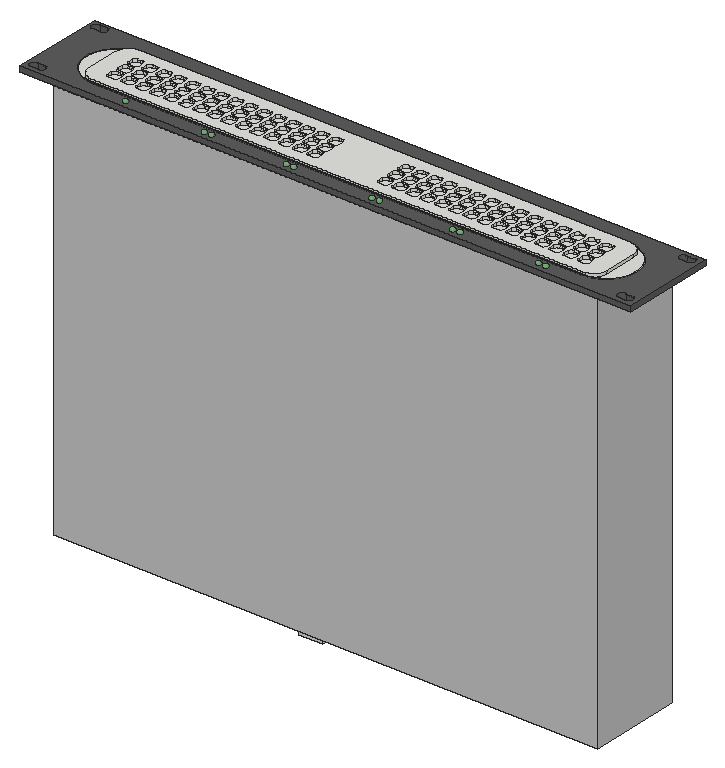
Revit family "Electronics_Vocia_Biamp_Amplifier_VA-4030", category Communication Devices, host Face, Revit 2020
Family settings
  Host = Face
  Maintain Annotation Orientation = No
  Round Connector Dimension = Use Diameter
  Part Type = Normal
  OmniClass Number = 23.85.10.11.14.14.17
  OmniClass Title = Sound Amplifiers
  Cut with Voids When Loaded = No
  Shared = No
  Room Calculation Point = No
Parameters (values of type "VA-4030")
  Width = 483 mm  # constant formula
  Weight = 26.00 lbf  # constant formula
  Voltage = 240 V
  Version = 1
  URL = "https://www.biamp.com/"
  Total Output Power = "4 x 30W RMS, 120W maximum"  # constant formula
  Temperature Range = "23-104° F (-5 – 40° C) "  # constant formula
  Signal to Noise Ratio = "> 88 dB, unweighted"  # constant formula
  Product data url = "https://bimobject.com/biamp/product/vocia-va-4030_amplifier"
  Product Page URL = "https://www.biamp.com/products/product-families/vocia/vocia-amplifiers#vocia-va-4030"
  Product Documentation Link = "https://downloads.biamp.com/assets/docs/default-source/data-sheets/biamp_data_sheet_vocia_va-4030_oct18.pdf"
  Power Factor = 1
  Number of Poles = 1
  Network Connection = "RJ-45 with shielded Ethernet (CAT5, CAT5e, CAT6 or CAT7)"  # constant formula
  Model = "VA-4030"  # constant formula
  Memory = "5.625 MB"  # constant formula
  Max Power Consumption = 120 W
  Manufacturer = "Biamp"  # constant formula
  Inputs = "20 bits, 48 kHz, 5-1/3 ms (fxed)"  # constant formula
  Humidity = "0 – 95% non-condensing"  # constant formula
  Housing Material = Biamp - Metal - Gray
  Height = 82.5 mm  # constant formula
  Frequency Response (40Hz - 20kHz) = "± 2dB"  # constant formula
  Description = "Vocia® VA-4030 Amplifier"  # constant formula
  Depth = 361 mm  # constant formula
  Default Elevation = 1219.2 mm
  Date Updated = ""
  Date Created = "2023/08/21"
  Connector Description = "100-240 VAC, 50/60 Hz"  # constant formula
  Apparent Load = Max Power Consumption / Power Factor  # 120 VA
  Altitude = "0-10,000 Feet (0-3000 Meters) MSL"  # constant formula
  50Hz-100Hz = "< 0.5%"  # constant formula
  100Hz-10kHz = "< 0.3%"  # constant formula
Reference planes
  plane 1 "Center (Front/Back)": y = 0
  plane 2: z = 0
  plane 3 "Center (Left/Right)": x = 0
Forms (mm)
  Extrusion 1, solid, material "Biamp - Metal - Gray" <- "Housing Material"
    sketch origin (261.5, -35.522, 0) x (1, 0, 0) y (0, 1, 0)
      loop
        line (-241.5, 41.25) -> (-241.5, -41.25) -> (241.5, -41.25) -> (241.5, 41.25) -> (-241.5, 41.25)
    from -361 to -3.048
  Extrusion 2, solid, material "Biamp - Metal - Black", detail levels medium+fine
    sketch origin (261.5, -35.522, 0) x (1, 0, 0) y (0, 1, 0)
      loop
        line (-271.5, 41.25) -> (-271.5, -41.25) -> (271.5, -41.25) -> (271.5, 41.25) -> (-271.5, 41.25)
    from 2.032 to -3.048
  Extrusion 3, void
    sketch origin (0, -35.522, 0) x (1, 0, 0) y (0, 1, 0)
      loop
        arc (-2.968, 38.06) -> (-6.697, 34.331) -> (-2.968, 30.602) r 3.729
        line (-2.968, 30.602) -> (3.762, 30.602)
        arc (3.762, 30.602) -> (7.49, 34.331) -> (3.762, 38.06) r 3.729
        line (3.762, 38.06) -> (-2.968, 38.06)
      loop
        line (-2.968, -38.06) -> (3.762, -38.06)
        arc (3.762, -38.06) -> (7.49, -34.331) -> (3.762, -30.602) r 3.729
        line (3.762, -30.602) -> (-2.968, -30.602)
        arc (-2.968, -30.602) -> (-6.697, -34.331) -> (-2.968, -38.06) r 3.729
      loop
        line (525.968, 38.06) -> (519.238, 38.06)
        arc (519.238, 38.06) -> (515.51, 34.331) -> (519.238, 30.602) r 3.729
        line (519.238, 30.602) -> (525.968, 30.602)
        arc (525.968, 30.602) -> (529.697, 34.331) -> (525.968, 38.06) r 3.729
      loop
        arc (525.968, -38.06) -> (529.697, -34.331) -> (525.968, -30.602) r 3.729
        line (525.968, -30.602) -> (519.238, -30.602)
        arc (519.238, -30.602) -> (515.51, -34.331) -> (519.238, -38.06) r 3.729
        line (519.238, -38.06) -> (525.968, -38.06)
    from -23.814 to 4.064
  Extrusion 4, void
    sketch origin (0, 0, 0) x (1, 0, 0) y (0, 1, 0)
      loop
        arc (44.597, -9.422) -> (17.097, -36.922) -> (44.597, -64.422) r 27.5
        line (44.597, -64.422) -> (478.403, -64.422)
        arc (478.403, -64.422) -> (505.903, -36.922) -> (478.403, -9.422) r 27.5
        line (478.403, -9.422) -> (44.597, -9.422)
    from 0 to 2.032
  Extrusion 5, solid, material "Biamp - Metal - Silver", detail levels medium+fine
    sketch origin (0, 0, 0) x (1, 0, 0) y (0, 1, 0)
      loop
        arc (44.597, -9.422) -> (17.097, -36.922) -> (44.597, -64.422) r 27.5
        line (44.597, -64.422) -> (478.403, -64.422)
        arc (478.403, -64.422) -> (505.903, -36.922) -> (478.403, -9.422) r 27.5
        line (478.403, -9.422) -> (44.597, -9.422)
    from 0 to 2.032
  Extrusion 6, void
    sketch origin (261.5, -35.522, -361) x (0, 1, 0) y (1, 0, 0)
      loop
        line (13.404, 198.988) -> (5.823, 198.988)
        arc (5.823, 198.988) -> (4.697, 198.765) -> (3.743, 198.127) r 2.941
        line (3.743, 198.127) -> (-0.195, 194.189)
        arc (-0.195, 194.189) -> (-0.838, 193.226) -> (-1.064, 192.09) r 2.97
        line (-1.064, 192.09) -> (-1.064, 176.133)
        arc (-1.064, 176.133) -> (-0.838, 174.997) -> (-0.195, 174.033) r 2.97
        line (-0.195, 174.033) -> (3.743, 170.096)
        arc (3.743, 170.096) -> (4.697, 169.458) -> (5.823, 169.234) r 2.941
        line (5.823, 169.234) -> (13.404, 169.234)
        arc (13.404, 169.234) -> (14.404, 169.648) -> (14.818, 170.648) r 1.414
        line (14.818, 170.648) -> (14.818, 197.575)
        arc (14.818, 197.575) -> (14.404, 198.574) -> (13.404, 198.988) r 1.414
      loop
        line (-21.462, 123.766) -> (-29.405, 123.766) -> (-29.405, 113.766) -> (-21.462, 113.766) -> (-21.462, 123.766)
      loop
        line (-21.462, 110.977) -> (-29.405, 110.977) -> (-29.405, 100.977) -> (-21.462, 100.977) -> (-21.462, 110.977)
      loop
        line (-26.942, 64.49) -> (-36.942, 64.49) -> (-36.942, 47.528) -> (-26.942, 47.528) -> (-26.942, 64.49)
      loop
        line (-26.942, 46.702) -> (-36.942, 46.702) -> (-36.942, 29.74) -> (-26.942, 29.74) -> (-26.942, 46.702)
      loop
        line (-26.942, 28.914) -> (-36.942, 28.914) -> (-36.942, 11.952) -> (-26.942, 11.952) -> (-26.942, 28.914)
      loop
        line (-26.942, 11.127) -> (-36.942, 11.127) -> (-36.942, -5.836) -> (-26.942, -5.836) -> (-26.942, 11.127)
    from -14.186 to 0
  Extrusion 7, solid
    sketch origin (261.5, -35.522, -361) x (0, 1, 0) y (1, 0, 0)
      loop
        line (-21.541, -8.122) -> (-33.817, -8.122) -> (-33.817, -29.997) -> (-21.541, -29.997) -> (-21.541, -8.122)
      loop
        line (-7.261, -39.287) -> (-25.255, -39.287) -> (-25.255, -68.037) -> (-7.261, -68.037) -> (-7.261, -39.287)
      loop
        line (-7.261, -107.937) -> (-7.261, -79.187) -> (-25.255, -79.187) -> (-25.255, -107.937) -> (-7.261, -107.937)
      loop
        line (-7.261, -217.837) -> (-7.261, -189.087) -> (-25.255, -189.087) -> (-25.255, -217.837) -> (-7.261, -217.837)
      loop
        line (-7.261, -149.187) -> (-25.255, -149.187) -> (-25.255, -177.937) -> (-7.261, -177.937) -> (-7.261, -149.187)
    from 0 to 8
  Extrusion 8, solid, material "Biamp - Metal - Black", detail levels coarse
    sketch origin (261.5, -35.522, 0) x (1, 0, 0) y (0, 1, 0)
      loop
        line (-271.5, 41.25) -> (-271.5, -41.25) -> (271.5, -41.25) -> (271.5, 41.25) -> (-271.5, 41.25)
    from 2.032 to -3.048
  Revolve 9, solid, material "Biamp - Plastic - Green", detail levels fine
    sketch origin (261.5, -35.522, 2.032) x (1, 0, 0) y (0, 1, 0)
      loop
        line (-184.758, -35.075) -> (-180.694, -35.075)
        arc (-180.694, -35.075) -> (-182.726, -33.043) -> (-184.758, -35.075) r 2.032
      loop
        line (-114.832, -35.075) -> (-110.768, -35.075)
        arc (-110.768, -35.075) -> (-112.8, -33.043) -> (-114.832, -35.075) r 2.032
      loop
        line (-108.482, -35.075) -> (-104.418, -35.075)
        arc (-104.418, -35.075) -> (-106.45, -33.043) -> (-108.482, -35.075) r 2.032
      loop
        line (-41.807, -35.075) -> (-37.743, -35.075)
        arc (-37.743, -35.075) -> (-39.775, -33.043) -> (-41.807, -35.075) r 2.032
      loop
        line (-35.457, -35.075) -> (-31.393, -35.075)
        arc (-31.393, -35.075) -> (-33.425, -33.043) -> (-35.457, -35.075) r 2.032
      loop
        line (34.317, -35.075) -> (38.381, -35.075)
        arc (38.381, -35.075) -> (36.349, -33.043) -> (34.317, -35.075) r 2.032
      loop
        line (40.667, -35.075) -> (44.731, -35.075)
        arc (44.731, -35.075) -> (42.699, -33.043) -> (40.667, -35.075) r 2.032
      loop
        line (106.123, -35.075) -> (110.187, -35.075)
        arc (110.187, -35.075) -> (108.155, -33.043) -> (106.123, -35.075) r 2.032
      loop
        line (112.473, -35.075) -> (116.537, -35.075)
        arc (116.537, -35.075) -> (114.505, -33.043) -> (112.473, -35.075) r 2.032
      loop
        line (182.246, -35.075) -> (186.31, -35.075)
        arc (186.31, -35.075) -> (184.278, -33.043) -> (182.246, -35.075) r 2.032
      loop
        line (188.596, -35.075) -> (192.66, -35.075)
        arc (192.66, -35.075) -> (190.628, -33.043) -> (188.596, -35.075) r 2.032
      axis (192.66, -35.075) -> (-184.758, -35.075)
    angle from 0 to -180
  Extrusion 10, solid, material "Biamp - Metal - Silver", detail levels medium+fine
    sketch origin (0, 0, 0) x (1, 0, 0) y (0, 1, 0)
      loop
        arc (44.181, -10.216) -> (35.2, -13.936) -> (31.481, -22.916) r 12.7
        line (31.481, -22.916) -> (31.481, -52.56)
        arc (31.481, -52.56) -> (34.49, -59.825) -> (41.755, -62.835) r 10.275
        line (41.755, -62.835) -> (481.245, -62.835)
        arc (481.245, -62.835) -> (488.51, -59.825) -> (491.519, -52.56) r 10.275
        line (491.519, -52.56) -> (491.519, -22.916)
        arc (491.519, -22.916) -> (487.8, -13.936) -> (478.819, -10.216) r 12.7
        line (478.819, -10.216) -> (44.181, -10.216)
      loop
        line (50.587, -54.176) -> (54.242, -54.176)
        arc (54.242, -54.176) -> (56.586, -53.205) -> (57.557, -50.861) r 3.315
        line (57.557, -50.861) -> (57.557, -47.216)
        arc (57.557, -47.216) -> (56.59, -44.882) -> (54.255, -43.914) r 3.302
        line (54.255, -43.914) -> (50.699, -43.914)
        arc (50.699, -43.914) -> (48.364, -44.882) -> (47.397, -47.216) r 3.302
        line (47.397, -47.216) -> (47.397, -50.986)
        arc (47.397, -50.986) -> (48.331, -53.242) -> (50.587, -54.176) r 3.19
      loop
        line (50.587, -42.813) -> (54.242, -42.813)
        arc (54.242, -42.813) -> (56.586, -41.842) -> (57.557, -39.498) r 3.315
        line (57.557, -39.498) -> (57.557, -35.853)
        arc (57.557, -35.853) -> (56.59, -33.518) -> (54.255, -32.551) r 3.302
        line (54.255, -32.551) -> (50.699, -32.551)
        arc (50.699, -32.551) -> (48.364, -33.518) -> (47.397, -35.853) r 3.302
        line (47.397, -35.853) -> (47.397, -39.623)
        arc (47.397, -39.623) -> (48.331, -41.878) -> (50.587, -42.813) r 3.19
      loop
        arc (50.587, -21.3) -> (48.331, -22.234) -> (47.397, -24.49) r 3.19
        line (47.397, -24.49) -> (47.397, -28.26)
        arc (47.397, -28.26) -> (48.364, -30.594) -> (50.699, -31.562) r 3.302
        line (50.699, -31.562) -> (54.255, -31.562)
        arc (54.255, -31.562) -> (56.59, -30.594) -> (57.557, -28.26) r 3.302
        line (57.557, -28.26) -> (57.557, -24.615)
        arc (57.557, -24.615) -> (56.586, -22.271) -> (54.242, -21.3) r 3.315
        line (54.242, -21.3) -> (50.587, -21.3)
      loop
        line (63.287, -54.176) -> (66.942, -54.176)
        arc (66.942, -54.176) -> (69.286, -53.205) -> (70.257, -50.861) r 3.315
        line (70.257, -50.861) -> (70.257, -47.216)
        arc (70.257, -47.216) -> (69.29, -44.882) -> (66.955, -43.914) r 3.302
        line (66.955, -43.914) -> (63.399, -43.914)
        arc (63.399, -43.914) -> (61.064, -44.882) -> (60.097, -47.216) r 3.302
        line (60.097, -47.216) -> (60.097, -50.986)
        arc (60.097, -50.986) -> (61.031, -53.242) -> (63.287, -54.176) r 3.19
      loop
        line (63.287, -42.813) -> (66.942, -42.813)
        arc (66.942, -42.813) -> (69.286, -41.842) -> (70.257, -39.498) r 3.315
        line (70.257, -39.498) -> (70.257, -35.853)
        arc (70.257, -35.853) -> (69.29, -33.518) -> (66.955, -32.551) r 3.302
        line (66.955, -32.551) -> (63.399, -32.551)
        arc (63.399, -32.551) -> (61.064, -33.518) -> (60.097, -35.853) r 3.302
        line (60.097, -35.853) -> (60.097, -39.623)
        arc (60.097, -39.623) -> (61.031, -41.878) -> (63.287, -42.813) r 3.19
      loop
        arc (63.287, -21.3) -> (61.031, -22.234) -> (60.097, -24.49) r 3.19
        line (60.097, -24.49) -> (60.097, -28.26)
        arc (60.097, -28.26) -> (61.064, -30.594) -> (63.399, -31.562) r 3.302
        line (63.399, -31.562) -> (66.955, -31.562)
        arc (66.955, -31.562) -> (69.29, -30.594) -> (70.257, -28.26) r 3.302
        line (70.257, -28.26) -> (70.257, -24.615)
        arc (70.257, -24.615) -> (69.286, -22.271) -> (66.942, -21.3) r 3.315
        line (66.942, -21.3) -> (63.287, -21.3)
      loop
        line (75.987, -54.176) -> (79.642, -54.176)
        arc (79.642, -54.176) -> (81.986, -53.205) -> (82.957, -50.861) r 3.315
        line (82.957, -50.861) -> (82.957, -47.216)
        arc (82.957, -47.216) -> (81.99, -44.882) -> (79.655, -43.914) r 3.302
        line (79.655, -43.914) -> (76.099, -43.914)
        arc (76.099, -43.914) -> (73.764, -44.882) -> (72.797, -47.216) r 3.302
        line (72.797, -47.216) -> (72.797, -50.986)
        arc (72.797, -50.986) -> (73.731, -53.242) -> (75.987, -54.176) r 3.19
      loop
        line (75.987, -42.813) -> (79.642, -42.813)
        arc (79.642, -42.813) -> (81.986, -41.842) -> (82.957, -39.498) r 3.315
        line (82.957, -39.498) -> (82.957, -35.853)
        arc (82.957, -35.853) -> (81.99, -33.518) -> (79.655, -32.551) r 3.302
        line (79.655, -32.551) -> (76.099, -32.551)
        arc (76.099, -32.551) -> (73.764, -33.518) -> (72.797, -35.853) r 3.302
        line (72.797, -35.853) -> (72.797, -39.623)
        arc (72.797, -39.623) -> (73.731, -41.878) -> (75.987, -42.813) r 3.19
      loop
        arc (75.987, -21.3) -> (73.731, -22.234) -> (72.797, -24.49) r 3.19
        line (72.797, -24.49) -> (72.797, -28.26)
        arc (72.797, -28.26) -> (73.764, -30.594) -> (76.099, -31.562) r 3.302
        line (76.099, -31.562) -> (79.655, -31.562)
        arc (79.655, -31.562) -> (81.99, -30.594) -> (82.957, -28.26) r 3.302
        line (82.957, -28.26) -> (82.957, -24.615)
        arc (82.957, -24.615) -> (81.986, -22.271) -> (79.642, -21.3) r 3.315
        line (79.642, -21.3) -> (75.987, -21.3)
      loop
        line (88.687, -54.176) -> (92.342, -54.176)
        arc (92.342, -54.176) -> (94.686, -53.205) -> (95.657, -50.861) r 3.315
        line (95.657, -50.861) -> (95.657, -47.216)
        arc (95.657, -47.216) -> (94.69, -44.882) -> (92.355, -43.914) r 3.302
        line (92.355, -43.914) -> (88.799, -43.914)
        arc (88.799, -43.914) -> (86.464, -44.882) -> (85.497, -47.216) r 3.302
        line (85.497, -47.216) -> (85.497, -50.986)
        arc (85.497, -50.986) -> (86.431, -53.242) -> (88.687, -54.176) r 3.19
      loop
        line (88.687, -42.813) -> (92.342, -42.813)
        arc (92.342, -42.813) -> (94.686, -41.842) -> (95.657, -39.498) r 3.315
        line (95.657, -39.498) -> (95.657, -35.853)
        arc (95.657, -35.853) -> (94.69, -33.518) -> (92.355, -32.551) r 3.302
        line (92.355, -32.551) -> (88.799, -32.551)
        arc (88.799, -32.551) -> (86.464, -33.518) -> (85.497, -35.853) r 3.302
        line (85.497, -35.853) -> (85.497, -39.623)
        arc (85.497, -39.623) -> (86.431, -41.878) -> (88.687, -42.813) r 3.19
      loop
        arc (88.687, -21.3) -> (86.431, -22.234) -> (85.497, -24.49) r 3.19
        line (85.497, -24.49) -> (85.497, -28.26)
        arc (85.497, -28.26) -> (86.464, -30.594) -> (88.799, -31.562) r 3.302
        line (88.799, -31.562) -> (92.355, -31.562)
        arc (92.355, -31.562) -> (94.69, -30.594) -> (95.657, -28.26) r 3.302
        line (95.657, -28.26) -> (95.657, -24.615)
        arc (95.657, -24.615) -> (94.686, -22.271) -> (92.342, -21.3) r 3.315
        line (92.342, -21.3) -> (88.687, -21.3)
      loop
        line (101.387, -54.176) -> (105.042, -54.176)
        arc (105.042, -54.176) -> (107.386, -53.205) -> (108.357, -50.861) r 3.315
        line (108.357, -50.861) -> (108.357, -47.216)
        arc (108.357, -47.216) -> (107.39, -44.882) -> (105.055, -43.914) r 3.302
        line (105.055, -43.914) -> (101.499, -43.914)
        arc (101.499, -43.914) -> (99.164, -44.882) -> (98.197, -47.216) r 3.302
        line (98.197, -47.216) -> (98.197, -50.986)
        arc (98.197, -50.986) -> (99.131, -53.242) -> (101.387, -54.176) r 3.19
      loop
        line (101.387, -42.813) -> (105.042, -42.813)
        arc (105.042, -42.813) -> (107.386, -41.842) -> (108.357, -39.498) r 3.315
        line (108.357, -39.498) -> (108.357, -35.853)
        arc (108.357, -35.853) -> (107.39, -33.518) -> (105.055, -32.551) r 3.302
        line (105.055, -32.551) -> (101.499, -32.551)
        arc (101.499, -32.551) -> (99.164, -33.518) -> (98.197, -35.853) r 3.302
        line (98.197, -35.853) -> (98.197, -39.623)
        arc (98.197, -39.623) -> (99.131, -41.878) -> (101.387, -42.813) r 3.19
      loop
        arc (101.387, -21.3) -> (99.131, -22.234) -> (98.197, -24.49) r 3.19
        line (98.197, -24.49) -> (98.197, -28.26)
        arc (98.197, -28.26) -> (99.164, -30.594) -> (101.499, -31.562) r 3.302
        line (101.499, -31.562) -> (105.055, -31.562)
        arc (105.055, -31.562) -> (107.39, -30.594) -> (108.357, -28.26) r 3.302
        line (108.357, -28.26) -> (108.357, -24.615)
        arc (108.357, -24.615) -> (107.386, -22.271) -> (105.042, -21.3) r 3.315
        line (105.042, -21.3) -> (101.387, -21.3)
      loop
        line (114.087, -54.176) -> (117.742, -54.176)
        arc (117.742, -54.176) -> (120.086, -53.205) -> (121.057, -50.861) r 3.315
        line (121.057, -50.861) -> (121.057, -47.216)
        arc (121.057, -47.216) -> (120.09, -44.882) -> (117.755, -43.914) r 3.302
        line (117.755, -43.914) -> (114.199, -43.914)
        arc (114.199, -43.914) -> (111.864, -44.882) -> (110.897, -47.216) r 3.302
        line (110.897, -47.216) -> (110.897, -50.986)
        arc (110.897, -50.986) -> (111.831, -53.242) -> (114.087, -54.176) r 3.19
      loop
        line (114.087, -42.813) -> (117.742, -42.813)
        arc (117.742, -42.813) -> (120.086, -41.842) -> (121.057, -39.498) r 3.315
        line (121.057, -39.498) -> (121.057, -35.853)
        arc (121.057, -35.853) -> (120.09, -33.518) -> (117.755, -32.551) r 3.302
        line (117.755, -32.551) -> (114.199, -32.551)
        arc (114.199, -32.551) -> (111.864, -33.518) -> (110.897, -35.853) r 3.302
        line (110.897, -35.853) -> (110.897, -39.623)
        arc (110.897, -39.623) -> (111.831, -41.878) -> (114.087, -42.813) r 3.19
      loop
        arc (114.087, -21.3) -> (111.831, -22.234) -> (110.897, -24.49) r 3.19
        line (110.897, -24.49) -> (110.897, -28.26)
        arc (110.897, -28.26) -> (111.864, -30.594) -> (114.199, -31.562) r 3.302
        line (114.199, -31.562) -> (117.755, -31.562)
        arc (117.755, -31.562) -> (120.09, -30.594) -> (121.057, -28.26) r 3.302
        line (121.057, -28.26) -> (121.057, -24.615)
        arc (121.057, -24.615) -> (120.086, -22.271) -> (117.742, -21.3) r 3.315
        line (117.742, -21.3) -> (114.087, -21.3)
      loop
        line (126.787, -54.176) -> (130.442, -54.176)
        arc (130.442, -54.176) -> (132.786, -53.205) -> (133.757, -50.861) r 3.315
        line (133.757, -50.861) -> (133.757, -47.216)
        arc (133.757, -47.216) -> (132.79, -44.882) -> (130.455, -43.914) r 3.302
        line (130.455, -43.914) -> (126.899, -43.914)
        arc (126.899, -43.914) -> (124.564, -44.882) -> (123.597, -47.216) r 3.302
        line (123.597, -47.216) -> (123.597, -50.986)
        arc (123.597, -50.986) -> (124.531, -53.242) -> (126.787, -54.176) r 3.19
      loop
        line (126.787, -42.813) -> (130.442, -42.813)
        arc (130.442, -42.813) -> (132.786, -41.842) -> (133.757, -39.498) r 3.315
        line (133.757, -39.498) -> (133.757, -35.853)
        arc (133.757, -35.853) -> (132.79, -33.518) -> (130.455, -32.551) r 3.302
        line (130.455, -32.551) -> (126.899, -32.551)
        arc (126.899, -32.551) -> (124.564, -33.518) -> (123.597, -35.853) r 3.302
        line (123.597, -35.853) -> (123.597, -39.623)
        arc (123.597, -39.623) -> (124.531, -41.878) -> (126.787, -42.813) r 3.19
      loop
        arc (126.787, -21.3) -> (124.531, -22.234) -> (123.597, -24.49) r 3.19
        line (123.597, -24.49) -> (123.597, -28.26)
        arc (123.597, -28.26) -> (124.564, -30.594) -> (126.899, -31.562) r 3.302
        line (126.899, -31.562) -> (130.455, -31.562)
        arc (130.455, -31.562) -> (132.79, -30.594) -> (133.757, -28.26) r 3.302
        line (133.757, -28.26) -> (133.757, -24.615)
        arc (133.757, -24.615) -> (132.786, -22.271) -> (130.442, -21.3) r 3.315
        line (130.442, -21.3) -> (126.787, -21.3)
      loop
        line (139.487, -54.176) -> (143.142, -54.176)
        arc (143.142, -54.176) -> (145.486, -53.205) -> (146.457, -50.861) r 3.315
        line (146.457, -50.861) -> (146.457, -47.216)
        arc (146.457, -47.216) -> (145.49, -44.882) -> (143.155, -43.914) r 3.302
        line (143.155, -43.914) -> (139.599, -43.914)
        arc (139.599, -43.914) -> (137.264, -44.882) -> (136.297, -47.216) r 3.302
        line (136.297, -47.216) -> (136.297, -50.986)
        arc (136.297, -50.986) -> (137.231, -53.242) -> (139.487, -54.176) r 3.19
      loop
        line (139.487, -42.813) -> (143.142, -42.813)
        arc (143.142, -42.813) -> (145.486, -41.842) -> (146.457, -39.498) r 3.315
        line (146.457, -39.498) -> (146.457, -35.853)
        arc (146.457, -35.853) -> (145.49, -33.518) -> (143.155, -32.551) r 3.302
        line (143.155, -32.551) -> (139.599, -32.551)
        arc (139.599, -32.551) -> (137.264, -33.518) -> (136.297, -35.853) r 3.302
        line (136.297, -35.853) -> (136.297, -39.623)
        arc (136.297, -39.623) -> (137.231, -41.878) -> (139.487, -42.813) r 3.19
      loop
        arc (139.487, -21.3) -> (137.231, -22.234) -> (136.297, -24.49) r 3.19
        line (136.297, -24.49) -> (136.297, -28.26)
        arc (136.297, -28.26) -> (137.264, -30.594) -> (139.599, -31.562) r 3.302
        line (139.599, -31.562) -> (143.155, -31.562)
        arc (143.155, -31.562) -> (145.49, -30.594) -> (146.457, -28.26) r 3.302
        line (146.457, -28.26) -> (146.457, -24.615)
        arc (146.457, -24.615) -> (145.486, -22.271) -> (143.142, -21.3) r 3.315
        line (143.142, -21.3) -> (139.487, -21.3)
      loop
        line (152.187, -54.176) -> (155.842, -54.176)
        arc (155.842, -54.176) -> (158.186, -53.205) -> (159.157, -50.861) r 3.315
        line (159.157, -50.861) -> (159.157, -47.216)
        arc (159.157, -47.216) -> (158.19, -44.882) -> (155.855, -43.914) r 3.302
        line (155.855, -43.914) -> (152.299, -43.914)
        arc (152.299, -43.914) -> (149.964, -44.882) -> (148.997, -47.216) r 3.302
        line (148.997, -47.216) -> (148.997, -50.986)
        arc (148.997, -50.986) -> (149.931, -53.242) -> (152.187, -54.176) r 3.19
      loop
        line (152.187, -42.813) -> (155.842, -42.813)
        arc (155.842, -42.813) -> (158.186, -41.842) -> (159.157, -39.498) r 3.315
        line (159.157, -39.498) -> (159.157, -35.853)
        arc (159.157, -35.853) -> (158.19, -33.518) -> (155.855, -32.551) r 3.302
        line (155.855, -32.551) -> (152.299, -32.551)
        arc (152.299, -32.551) -> (149.964, -33.518) -> (148.997, -35.853) r 3.302
        line (148.997, -35.853) -> (148.997, -39.623)
        arc (148.997, -39.623) -> (149.931, -41.878) -> (152.187, -42.813) r 3.19
      loop
        arc (152.187, -21.3) -> (149.931, -22.234) -> (148.997, -24.49) r 3.19
        line (148.997, -24.49) -> (148.997, -28.26)
        arc (148.997, -28.26) -> (149.964, -30.594) -> (152.299, -31.562) r 3.302
        line (152.299, -31.562) -> (155.855, -31.562)
        arc (155.855, -31.562) -> (158.19, -30.594) -> (159.157, -28.26) r 3.302
        line (159.157, -28.26) -> (159.157, -24.615)
        arc (159.157, -24.615) -> (158.186, -22.271) -> (155.842, -21.3) r 3.315
        line (155.842, -21.3) -> (152.187, -21.3)
      loop
        line (164.887, -54.176) -> (168.542, -54.176)
        arc (168.542, -54.176) -> (170.886, -53.205) -> (171.857, -50.861) r 3.315
        line (171.857, -50.861) -> (171.857, -47.216)
        arc (171.857, -47.216) -> (170.89, -44.882) -> (168.555, -43.914) r 3.302
        line (168.555, -43.914) -> (164.999, -43.914)
        arc (164.999, -43.914) -> (162.664, -44.882) -> (161.697, -47.216) r 3.302
        line (161.697, -47.216) -> (161.697, -50.986)
        arc (161.697, -50.986) -> (162.631, -53.242) -> (164.887, -54.176) r 3.19
      loop
        line (164.887, -42.813) -> (168.542, -42.813)
        arc (168.542, -42.813) -> (170.886, -41.842) -> (171.857, -39.498) r 3.315
        line (171.857, -39.498) -> (171.857, -35.853)
        arc (171.857, -35.853) -> (170.89, -33.518) -> (168.555, -32.551) r 3.302
        line (168.555, -32.551) -> (164.999, -32.551)
        arc (164.999, -32.551) -> (162.664, -33.518) -> (161.697, -35.853) r 3.302
        line (161.697, -35.853) -> (161.697, -39.623)
        arc (161.697, -39.623) -> (162.631, -41.878) -> (164.887, -42.813) r 3.19
      loop
        arc (164.887, -21.3) -> (162.631, -22.234) -> (161.697, -24.49) r 3.19
        line (161.697, -24.49) -> (161.697, -28.26)
        arc (161.697, -28.26) -> (162.664, -30.594) -> (164.999, -31.562) r 3.302
        line (164.999, -31.562) -> (168.555, -31.562)
        arc (168.555, -31.562) -> (170.89, -30.594) -> (171.857, -28.26) r 3.302
        line (171.857, -28.26) -> (171.857, -24.615)
        arc (171.857, -24.615) -> (170.886, -22.271) -> (168.542, -21.3) r 3.315
        line (168.542, -21.3) -> (164.887, -21.3)
      loop
        line (177.587, -54.176) -> (181.242, -54.176)
        arc (181.242, -54.176) -> (183.586, -53.205) -> (184.557, -50.861) r 3.315
        line (184.557, -50.861) -> (184.557, -47.216)
        arc (184.557, -47.216) -> (183.59, -44.882) -> (181.255, -43.914) r 3.302
        line (181.255, -43.914) -> (177.699, -43.914)
        arc (177.699, -43.914) -> (175.364, -44.882) -> (174.397, -47.216) r 3.302
        line (174.397, -47.216) -> (174.397, -50.986)
        arc (174.397, -50.986) -> (175.331, -53.242) -> (177.587, -54.176) r 3.19
      loop
        line (177.587, -42.813) -> (181.242, -42.813)
        arc (181.242, -42.813) -> (183.586, -41.842) -> (184.557, -39.498) r 3.315
        line (184.557, -39.498) -> (184.557, -35.853)
        arc (184.557, -35.853) -> (183.59, -33.518) -> (181.255, -32.551) r 3.302
        line (181.255, -32.551) -> (177.699, -32.551)
        arc (177.699, -32.551) -> (175.364, -33.518) -> (174.397, -35.853) r 3.302
        line (174.397, -35.853) -> (174.397, -39.623)
        arc (174.397, -39.623) -> (175.331, -41.878) -> (177.587, -42.813) r 3.19
      loop
        arc (177.587, -21.3) -> (175.331, -22.234) -> (174.397, -24.49) r 3.19
        line (174.397, -24.49) -> (174.397, -28.26)
        arc (174.397, -28.26) -> (175.364, -30.594) -> (177.699, -31.562) r 3.302
        line (177.699, -31.562) -> (181.255, -31.562)
        arc (181.255, -31.562) -> (183.59, -30.594) -> (184.557, -28.26) r 3.302
        line (184.557, -28.26) -> (184.557, -24.615)
        arc (184.557, -24.615) -> (183.586, -22.271) -> (181.242, -21.3) r 3.315
        line (181.242, -21.3) -> (177.587, -21.3)
      loop
        line (190.287, -54.176) -> (193.942, -54.176)
        arc (193.942, -54.176) -> (196.286, -53.205) -> (197.257, -50.861) r 3.315
        line (197.257, -50.861) -> (197.257, -47.216)
        arc (197.257, -47.216) -> (196.29, -44.882) -> (193.955, -43.914) r 3.302
        line (193.955, -43.914) -> (190.399, -43.914)
        arc (190.399, -43.914) -> (188.064, -44.882) -> (187.097, -47.216) r 3.302
        line (187.097, -47.216) -> (187.097, -50.986)
        arc (187.097, -50.986) -> (188.031, -53.242) -> (190.287, -54.176) r 3.19
      loop
        line (190.287, -42.813) -> (193.942, -42.813)
        arc (193.942, -42.813) -> (196.286, -41.842) -> (197.257, -39.498) r 3.315
        line (197.257, -39.498) -> (197.257, -35.853)
        arc (197.257, -35.853) -> (196.29, -33.518) -> (193.955, -32.551) r 3.302
        line (193.955, -32.551) -> (190.399, -32.551)
        arc (190.399, -32.551) -> (188.064, -33.518) -> (187.097, -35.853) r 3.302
        line (187.097, -35.853) -> (187.097, -39.623)
        arc (187.097, -39.623) -> (188.031, -41.878) -> (190.287, -42.813) r 3.19
      loop
        arc (190.287, -21.3) -> (188.031, -22.234) -> (187.097, -24.49) r 3.19
        line (187.097, -24.49) -> (187.097, -28.26)
        arc (187.097, -28.26) -> (188.064, -30.594) -> (190.399, -31.562) r 3.302
        line (190.399, -31.562) -> (193.955, -31.562)
        arc (193.955, -31.562) -> (196.29, -30.594) -> (197.257, -28.26) r 3.302
        line (197.257, -28.26) -> (197.257, -24.615)
        arc (197.257, -24.615) -> (196.286, -22.271) -> (193.942, -21.3) r 3.315
        line (193.942, -21.3) -> (190.287, -21.3)
      loop
        line (202.987, -54.176) -> (206.642, -54.176)
        arc (206.642, -54.176) -> (208.986, -53.205) -> (209.957, -50.861) r 3.315
        line (209.957, -50.861) -> (209.957, -47.216)
        arc (209.957, -47.216) -> (208.99, -44.882) -> (206.655, -43.914) r 3.302
        line (206.655, -43.914) -> (203.099, -43.914)
        arc (203.099, -43.914) -> (200.764, -44.882) -> (199.797, -47.216) r 3.302
        line (199.797, -47.216) -> (199.797, -50.986)
        arc (199.797, -50.986) -> (200.731, -53.242) -> (202.987, -54.176) r 3.19
      loop
        line (202.987, -42.813) -> (206.642, -42.813)
        arc (206.642, -42.813) -> (208.986, -41.842) -> (209.957, -39.498) r 3.315
        line (209.957, -39.498) -> (209.957, -35.853)
        arc (209.957, -35.853) -> (208.99, -33.518) -> (206.655, -32.551) r 3.302
        line (206.655, -32.551) -> (203.099, -32.551)
        arc (203.099, -32.551) -> (200.764, -33.518) -> (199.797, -35.853) r 3.302
        line (199.797, -35.853) -> (199.797, -39.623)
        arc (199.797, -39.623) -> (200.731, -41.878) -> (202.987, -42.813) r 3.19
      loop
        arc (202.987, -21.3) -> (200.731, -22.234) -> (199.797, -24.49) r 3.19
        line (199.797, -24.49) -> (199.797, -28.26)
        arc (199.797, -28.26) -> (200.764, -30.594) -> (203.099, -31.562) r 3.302
        line (203.099, -31.562) -> (206.655, -31.562)
        arc (206.655, -31.562) -> (208.99, -30.594) -> (209.957, -28.26) r 3.302
        line (209.957, -28.26) -> (209.957, -24.615)
        arc (209.957, -24.615) -> (208.986, -22.271) -> (206.642, -21.3) r 3.315
        line (206.642, -21.3) -> (202.987, -21.3)
      loop
        line (215.687, -54.176) -> (219.342, -54.176)
        arc (219.342, -54.176) -> (221.686, -53.205) -> (222.657, -50.861) r 3.315
        line (222.657, -50.861) -> (222.657, -47.216)
        arc (222.657, -47.216) -> (221.69, -44.882) -> (219.355, -43.914) r 3.302
        line (219.355, -43.914) -> (215.799, -43.914)
        arc (215.799, -43.914) -> (213.464, -44.882) -> (212.497, -47.216) r 3.302
        line (212.497, -47.216) -> (212.497, -50.986)
        arc (212.497, -50.986) -> (213.431, -53.242) -> (215.687, -54.176) r 3.19
      loop
        line (215.687, -42.813) -> (219.342, -42.813)
        arc (219.342, -42.813) -> (221.686, -41.842) -> (222.657, -39.498) r 3.315
        line (222.657, -39.498) -> (222.657, -35.853)
        arc (222.657, -35.853) -> (221.69, -33.518) -> (219.355, -32.551) r 3.302
        line (219.355, -32.551) -> (215.799, -32.551)
        arc (215.799, -32.551) -> (213.464, -33.518) -> (212.497, -35.853) r 3.302
        line (212.497, -35.853) -> (212.497, -39.623)
        arc (212.497, -39.623) -> (213.431, -41.878) -> (215.687, -42.813) r 3.19
      loop
        arc (215.687, -21.3) -> (213.431, -22.234) -> (212.497, -24.49) r 3.19
        line (212.497, -24.49) -> (212.497, -28.26)
        arc (212.497, -28.26) -> (213.464, -30.594) -> (215.799, -31.562) r 3.302
        line (215.799, -31.562) -> (219.355, -31.562)
        arc (219.355, -31.562) -> (221.69, -30.594) -> (222.657, -28.26) r 3.302
        line (222.657, -28.26) -> (222.657, -24.615)
        arc (222.657, -24.615) -> (221.686, -22.271) -> (219.342, -21.3) r 3.315
        line (219.342, -21.3) -> (215.687, -21.3)
      loop
        line (228.387, -54.176) -> (232.042, -54.176)
        arc (232.042, -54.176) -> (234.386, -53.205) -> (235.357, -50.861) r 3.315
        line (235.357, -50.861) -> (235.357, -47.216)
        arc (235.357, -47.216) -> (234.39, -44.882) -> (232.055, -43.914) r 3.302
        line (232.055, -43.914) -> (228.499, -43.914)
        arc (228.499, -43.914) -> (226.164, -44.882) -> (225.197, -47.216) r 3.302
        line (225.197, -47.216) -> (225.197, -50.986)
        arc (225.197, -50.986) -> (226.131, -53.242) -> (228.387, -54.176) r 3.19
      loop
        line (228.387, -42.813) -> (232.042, -42.813)
        arc (232.042, -42.813) -> (234.386, -41.842) -> (235.357, -39.498) r 3.315
        line (235.357, -39.498) -> (235.357, -35.853)
        arc (235.357, -35.853) -> (234.39, -33.518) -> (232.055, -32.551) r 3.302
        line (232.055, -32.551) -> (228.499, -32.551)
        arc (228.499, -32.551) -> (226.164, -33.518) -> (225.197, -35.853) r 3.302
        line (225.197, -35.853) -> (225.197, -39.623)
        arc (225.197, -39.623) -> (226.131, -41.878) -> (228.387, -42.813) r 3.19
      loop
        arc (228.387, -21.3) -> (226.131, -22.234) -> (225.197, -24.49) r 3.19
        line (225.197, -24.49) -> (225.197, -28.26)
        arc (225.197, -28.26) -> (226.164, -30.594) -> (228.499, -31.562) r 3.302
        line (228.499, -31.562) -> (232.055, -31.562)
        arc (232.055, -31.562) -> (234.39, -30.594) -> (235.357, -28.26) r 3.302
        line (235.357, -28.26) -> (235.357, -24.615)
        arc (235.357, -24.615) -> (234.386, -22.271) -> (232.042, -21.3) r 3.315
        line (232.042, -21.3) -> (228.387, -21.3)
      loop
        arc (472.413, -54.176) -> (474.669, -53.242) -> (475.603, -50.986) r 3.19
        line (475.603, -50.986) -> (475.603, -47.216)
        arc (475.603, -47.216) -> (474.636, -44.882) -> (472.301, -43.914) r 3.302
        line (472.301, -43.914) -> (468.745, -43.914)
        arc (468.745, -43.914) -> (466.41, -44.882) -> (465.443, -47.216) r 3.302
        line (465.443, -47.216) -> (465.443, -50.861)
        arc (465.443, -50.861) -> (466.414, -53.205) -> (468.758, -54.176) r 3.315
        line (468.758, -54.176) -> (472.413, -54.176)
      loop
        arc (472.413, -42.813) -> (474.669, -41.878) -> (475.603, -39.623) r 3.19
        line (475.603, -39.623) -> (475.603, -35.853)
        arc (475.603, -35.853) -> (474.636, -33.518) -> (472.301, -32.551) r 3.302
        line (472.301, -32.551) -> (468.745, -32.551)
        arc (468.745, -32.551) -> (466.41, -33.518) -> (465.443, -35.853) r 3.302
        line (465.443, -35.853) -> (465.443, -39.498)
        arc (465.443, -39.498) -> (466.414, -41.842) -> (468.758, -42.813) r 3.315
        line (468.758, -42.813) -> (472.413, -42.813)
      loop
        line (472.413, -21.3) -> (468.758, -21.3)
        arc (468.758, -21.3) -> (466.414, -22.271) -> (465.443, -24.615) r 3.315
        line (465.443, -24.615) -> (465.443, -28.26)
        arc (465.443, -28.26) -> (466.41, -30.594) -> (468.745, -31.562) r 3.302
        line (468.745, -31.562) -> (472.301, -31.562)
        arc (472.301, -31.562) -> (474.636, -30.594) -> (475.603, -28.26) r 3.302
        line (475.603, -28.26) -> (475.603, -24.49)
        arc (475.603, -24.49) -> (474.669, -22.234) -> (472.413, -21.3) r 3.19
      loop
        arc (459.713, -54.176) -> (461.969, -53.242) -> (462.903, -50.986) r 3.19
        line (462.903, -50.986) -> (462.903, -47.216)
        arc (462.903, -47.216) -> (461.936, -44.882) -> (459.601, -43.914) r 3.302
        line (459.601, -43.914) -> (456.045, -43.914)
        arc (456.045, -43.914) -> (453.71, -44.882) -> (452.743, -47.216) r 3.302
        line (452.743, -47.216) -> (452.743, -50.861)
        arc (452.743, -50.861) -> (453.714, -53.205) -> (456.058, -54.176) r 3.315
        line (456.058, -54.176) -> (459.713, -54.176)
      loop
        arc (459.713, -42.813) -> (461.969, -41.878) -> (462.903, -39.623) r 3.19
        line (462.903, -39.623) -> (462.903, -35.853)
        arc (462.903, -35.853) -> (461.936, -33.518) -> (459.601, -32.551) r 3.302
        line (459.601, -32.551) -> (456.045, -32.551)
        arc (456.045, -32.551) -> (453.71, -33.518) -> (452.743, -35.853) r 3.302
        line (452.743, -35.853) -> (452.743, -39.498)
        arc (452.743, -39.498) -> (453.714, -41.842) -> (456.058, -42.813) r 3.315
        line (456.058, -42.813) -> (459.713, -42.813)
      loop
        line (459.713, -21.3) -> (456.058, -21.3)
        arc (456.058, -21.3) -> (453.714, -22.271) -> (452.743, -24.615) r 3.315
        line (452.743, -24.615) -> (452.743, -28.26)
        arc (452.743, -28.26) -> (453.71, -30.594) -> (456.045, -31.562) r 3.302
        line (456.045, -31.562) -> (459.601, -31.562)
        arc (459.601, -31.562) -> (461.936, -30.594) -> (462.903, -28.26) r 3.302
        line (462.903, -28.26) -> (462.903, -24.49)
        arc (462.903, -24.49) -> (461.969, -22.234) -> (459.713, -21.3) r 3.19
      loop
        arc (447.013, -54.176) -> (449.269, -53.242) -> (450.203, -50.986) r 3.19
        line (450.203, -50.986) -> (450.203, -47.216)
        arc (450.203, -47.216) -> (449.236, -44.882) -> (446.901, -43.914) r 3.302
        line (446.901, -43.914) -> (443.345, -43.914)
        arc (443.345, -43.914) -> (441.01, -44.882) -> (440.043, -47.216) r 3.302
        line (440.043, -47.216) -> (440.043, -50.861)
        arc (440.043, -50.861) -> (441.014, -53.205) -> (443.358, -54.176) r 3.315
        line (443.358, -54.176) -> (447.013, -54.176)
      loop
        arc (447.013, -42.813) -> (449.269, -41.878) -> (450.203, -39.623) r 3.19
        line (450.203, -39.623) -> (450.203, -35.853)
        arc (450.203, -35.853) -> (449.236, -33.518) -> (446.901, -32.551) r 3.302
        line (446.901, -32.551) -> (443.345, -32.551)
        arc (443.345, -32.551) -> (441.01, -33.518) -> (440.043, -35.853) r 3.302
        line (440.043, -35.853) -> (440.043, -39.498)
        arc (440.043, -39.498) -> (441.014, -41.842) -> (443.358, -42.813) r 3.315
        line (443.358, -42.813) -> (447.013, -42.813)
      loop
        line (447.013, -21.3) -> (443.358, -21.3)
        arc (443.358, -21.3) -> (441.014, -22.271) -> (440.043, -24.615) r 3.315
        line (440.043, -24.615) -> (440.043, -28.26)
        arc (440.043, -28.26) -> (441.01, -30.594) -> (443.345, -31.562) r 3.302
        line (443.345, -31.562) -> (446.901, -31.562)
        arc (446.901, -31.562) -> (449.236, -30.594) -> (450.203, -28.26) r 3.302
        line (450.203, -28.26) -> (450.203, -24.49)
        arc (450.203, -24.49) -> (449.269, -22.234) -> (447.013, -21.3) r 3.19
      loop
        arc (434.313, -54.176) -> (436.569, -53.242) -> (437.503, -50.986) r 3.19
        line (437.503, -50.986) -> (437.503, -47.216)
        arc (437.503, -47.216) -> (436.536, -44.882) -> (434.201, -43.914) r 3.302
        line (434.201, -43.914) -> (430.645, -43.914)
        arc (430.645, -43.914) -> (428.31, -44.882) -> (427.343, -47.216) r 3.302
        line (427.343, -47.216) -> (427.343, -50.861)
        arc (427.343, -50.861) -> (428.314, -53.205) -> (430.658, -54.176) r 3.315
        line (430.658, -54.176) -> (434.313, -54.176)
      loop
        arc (434.313, -42.813) -> (436.569, -41.878) -> (437.503, -39.623) r 3.19
        line (437.503, -39.623) -> (437.503, -35.853)
        arc (437.503, -35.853) -> (436.536, -33.518) -> (434.201, -32.551) r 3.302
        line (434.201, -32.551) -> (430.645, -32.551)
        arc (430.645, -32.551) -> (428.31, -33.518) -> (427.343, -35.853) r 3.302
        line (427.343, -35.853) -> (427.343, -39.498)
        arc (427.343, -39.498) -> (428.314, -41.842) -> (430.658, -42.813) r 3.315
        line (430.658, -42.813) -> (434.313, -42.813)
      loop
        line (434.313, -21.3) -> (430.658, -21.3)
        arc (430.658, -21.3) -> (428.314, -22.271) -> (427.343, -24.615) r 3.315
        line (427.343, -24.615) -> (427.343, -28.26)
        arc (427.343, -28.26) -> (428.31, -30.594) -> (430.645, -31.562) r 3.302
        line (430.645, -31.562) -> (434.201, -31.562)
        arc (434.201, -31.562) -> (436.536, -30.594) -> (437.503, -28.26) r 3.302
        line (437.503, -28.26) -> (437.503, -24.49)
        arc (437.503, -24.49) -> (436.569, -22.234) -> (434.313, -21.3) r 3.19
      loop
        arc (421.613, -54.176) -> (423.869, -53.242) -> (424.803, -50.986) r 3.19
        line (424.803, -50.986) -> (424.803, -47.216)
        arc (424.803, -47.216) -> (423.836, -44.882) -> (421.501, -43.914) r 3.302
        line (421.501, -43.914) -> (417.945, -43.914)
        arc (417.945, -43.914) -> (415.61, -44.882) -> (414.643, -47.216) r 3.302
        line (414.643, -47.216) -> (414.643, -50.861)
        arc (414.643, -50.861) -> (415.614, -53.205) -> (417.958, -54.176) r 3.315
        line (417.958, -54.176) -> (421.613, -54.176)
      loop
        arc (421.613, -42.813) -> (423.869, -41.878) -> (424.803, -39.623) r 3.19
        line (424.803, -39.623) -> (424.803, -35.853)
        arc (424.803, -35.853) -> (423.836, -33.518) -> (421.501, -32.551) r 3.302
        line (421.501, -32.551) -> (417.945, -32.551)
        arc (417.945, -32.551) -> (415.61, -33.518) -> (414.643, -35.853) r 3.302
        line (414.643, -35.853) -> (414.643, -39.498)
        arc (414.643, -39.498) -> (415.614, -41.842) -> (417.958, -42.813) r 3.315
        line (417.958, -42.813) -> (421.613, -42.813)
      loop
        line (421.613, -21.3) -> (417.958, -21.3)
        arc (417.958, -21.3) -> (415.614, -22.271) -> (414.643, -24.615) r 3.315
        line (414.643, -24.615) -> (414.643, -28.26)
        arc (414.643, -28.26) -> (415.61, -30.594) -> (417.945, -31.562) r 3.302
        line (417.945, -31.562) -> (421.501, -31.562)
        arc (421.501, -31.562) -> (423.836, -30.594) -> (424.803, -28.26) r 3.302
        line (424.803, -28.26) -> (424.803, -24.49)
        arc (424.803, -24.49) -> (423.869, -22.234) -> (421.613, -21.3) r 3.19
      loop
        arc (408.913, -54.176) -> (411.169, -53.242) -> (412.103, -50.986) r 3.19
        line (412.103, -50.986) -> (412.103, -47.216)
        arc (412.103, -47.216) -> (411.136, -44.882) -> (408.801, -43.914) r 3.302
        line (408.801, -43.914) -> (405.245, -43.914)
        arc (405.245, -43.914) -> (402.91, -44.882) -> (401.943, -47.216) r 3.302
        line (401.943, -47.216) -> (401.943, -50.861)
        arc (401.943, -50.861) -> (402.914, -53.205) -> (405.258, -54.176) r 3.315
        line (405.258, -54.176) -> (408.913, -54.176)
      loop
        arc (408.913, -42.813) -> (411.169, -41.878) -> (412.103, -39.623) r 3.19
        line (412.103, -39.623) -> (412.103, -35.853)
        arc (412.103, -35.853) -> (411.136, -33.518) -> (408.801, -32.551) r 3.302
        line (408.801, -32.551) -> (405.245, -32.551)
        arc (405.245, -32.551) -> (402.91, -33.518) -> (401.943, -35.853) r 3.302
        line (401.943, -35.853) -> (401.943, -39.498)
        arc (401.943, -39.498) -> (402.914, -41.842) -> (405.258, -42.813) r 3.315
        line (405.258, -42.813) -> (408.913, -42.813)
      loop
        line (408.913, -21.3) -> (405.258, -21.3)
        arc (405.258, -21.3) -> (402.914, -22.271) -> (401.943, -24.615) r 3.315
        line (401.943, -24.615) -> (401.943, -28.26)
        arc (401.943, -28.26) -> (402.91, -30.594) -> (405.245, -31.562) r 3.302
        line (405.245, -31.562) -> (408.801, -31.562)
        arc (408.801, -31.562) -> (411.136, -30.594) -> (412.103, -28.26) r 3.302
        line (412.103, -28.26) -> (412.103, -24.49)
        arc (412.103, -24.49) -> (411.169, -22.234) -> (408.913, -21.3) r 3.19
      loop
        arc (396.213, -54.176) -> (398.469, -53.242) -> (399.403, -50.986) r 3.19
        line (399.403, -50.986) -> (399.403, -47.216)
        arc (399.403, -47.216) -> (398.436, -44.882) -> (396.101, -43.914) r 3.302
        line (396.101, -43.914) -> (392.545, -43.914)
        arc (392.545, -43.914) -> (390.21, -44.882) -> (389.243, -47.216) r 3.302
        line (389.243, -47.216) -> (389.243, -50.861)
        arc (389.243, -50.861) -> (390.214, -53.205) -> (392.558, -54.176) r 3.315
        line (392.558, -54.176) -> (396.213, -54.176)
      loop
        arc (396.213, -42.813) -> (398.469, -41.878) -> (399.403, -39.623) r 3.19
        line (399.403, -39.623) -> (399.403, -35.853)
        arc (399.403, -35.853) -> (398.436, -33.518) -> (396.101, -32.551) r 3.302
        line (396.101, -32.551) -> (392.545, -32.551)
        arc (392.545, -32.551) -> (390.21, -33.518) -> (389.243, -35.853) r 3.302
        line (389.243, -35.853) -> (389.243, -39.498)
        arc (389.243, -39.498) -> (390.214, -41.842) -> (392.558, -42.813) r 3.315
        line (392.558, -42.813) -> (396.213, -42.813)
      loop
        line (396.213, -21.3) -> (392.558, -21.3)
        arc (392.558, -21.3) -> (390.214, -22.271) -> (389.243, -24.615) r 3.315
        line (389.243, -24.615) -> (389.243, -28.26)
        arc (389.243, -28.26) -> (390.21, -30.594) -> (392.545, -31.562) r 3.302
        line (392.545, -31.562) -> (396.101, -31.562)
        arc (396.101, -31.562) -> (398.436, -30.594) -> (399.403, -28.26) r 3.302
        line (399.403, -28.26) -> (399.403, -24.49)
        arc (399.403, -24.49) -> (398.469, -22.234) -> (396.213, -21.3) r 3.19
      loop
        arc (383.513, -54.176) -> (385.769, -53.242) -> (386.703, -50.986) r 3.19
        line (386.703, -50.986) -> (386.703, -47.216)
        arc (386.703, -47.216) -> (385.736, -44.882) -> (383.401, -43.914) r 3.302
        line (383.401, -43.914) -> (379.845, -43.914)
        arc (379.845, -43.914) -> (377.51, -44.882) -> (376.543, -47.216) r 3.302
        line (376.543, -47.216) -> (376.543, -50.861)
        arc (376.543, -50.861) -> (377.514, -53.205) -> (379.858, -54.176) r 3.315
        line (379.858, -54.176) -> (383.513, -54.176)
      loop
        arc (383.513, -42.813) -> (385.769, -41.878) -> (386.703, -39.623) r 3.19
        line (386.703, -39.623) -> (386.703, -35.853)
        arc (386.703, -35.853) -> (385.736, -33.518) -> (383.401, -32.551) r 3.302
        line (383.401, -32.551) -> (379.845, -32.551)
        arc (379.845, -32.551) -> (377.51, -33.518) -> (376.543, -35.853) r 3.302
        line (376.543, -35.853) -> (376.543, -39.498)
        arc (376.543, -39.498) -> (377.514, -41.842) -> (379.858, -42.813) r 3.315
        line (379.858, -42.813) -> (383.513, -42.813)
      loop
        line (383.513, -21.3) -> (379.858, -21.3)
        arc (379.858, -21.3) -> (377.514, -22.271) -> (376.543, -24.615) r 3.315
        line (376.543, -24.615) -> (376.543, -28.26)
        arc (376.543, -28.26) -> (377.51, -30.594) -> (379.845, -31.562) r 3.302
        line (379.845, -31.562) -> (383.401, -31.562)
        arc (383.401, -31.562) -> (385.736, -30.594) -> (386.703, -28.26) r 3.302
        line (386.703, -28.26) -> (386.703, -24.49)
        arc (386.703, -24.49) -> (385.769, -22.234) -> (383.513, -21.3) r 3.19
      loop
        arc (370.813, -54.176) -> (373.069, -53.242) -> (374.003, -50.986) r 3.19
        line (374.003, -50.986) -> (374.003, -47.216)
        arc (374.003, -47.216) -> (373.036, -44.882) -> (370.701, -43.914) r 3.302
        line (370.701, -43.914) -> (367.145, -43.914)
        arc (367.145, -43.914) -> (364.81, -44.882) -> (363.843, -47.216) r 3.302
        line (363.843, -47.216) -> (363.843, -50.861)
        arc (363.843, -50.861) -> (364.814, -53.205) -> (367.158, -54.176) r 3.315
        line (367.158, -54.176) -> (370.813, -54.176)
      loop
        arc (370.813, -42.813) -> (373.069, -41.878) -> (374.003, -39.623) r 3.19
        line (374.003, -39.623) -> (374.003, -35.853)
        arc (374.003, -35.853) -> (373.036, -33.518) -> (370.701, -32.551) r 3.302
        line (370.701, -32.551) -> (367.145, -32.551)
        arc (367.145, -32.551) -> (364.81, -33.518) -> (363.843, -35.853) r 3.302
        line (363.843, -35.853) -> (363.843, -39.498)
        arc (363.843, -39.498) -> (364.814, -41.842) -> (367.158, -42.813) r 3.315
        line (367.158, -42.813) -> (370.813, -42.813)
      loop
        line (370.813, -21.3) -> (367.158, -21.3)
        arc (367.158, -21.3) -> (364.814, -22.271) -> (363.843, -24.615) r 3.315
        line (363.843, -24.615) -> (363.843, -28.26)
        arc (363.843, -28.26) -> (364.81, -30.594) -> (367.145, -31.562) r 3.302
        line (367.145, -31.562) -> (370.701, -31.562)
        arc (370.701, -31.562) -> (373.036, -30.594) -> (374.003, -28.26) r 3.302
        line (374.003, -28.26) -> (374.003, -24.49)
        arc (374.003, -24.49) -> (373.069, -22.234) -> (370.813, -21.3) r 3.19
      loop
        arc (358.113, -54.176) -> (360.369, -53.242) -> (361.303, -50.986) r 3.19
        line (361.303, -50.986) -> (361.303, -47.216)
        arc (361.303, -47.216) -> (360.336, -44.882) -> (358.001, -43.914) r 3.302
        line (358.001, -43.914) -> (354.445, -43.914)
        arc (354.445, -43.914) -> (352.11, -44.882) -> (351.143, -47.216) r 3.302
        line (351.143, -47.216) -> (351.143, -50.861)
        arc (351.143, -50.861) -> (352.114, -53.205) -> (354.458, -54.176) r 3.315
        line (354.458, -54.176) -> (358.113, -54.176)
      loop
        arc (358.113, -42.813) -> (360.369, -41.878) -> (361.303, -39.623) r 3.19
        line (361.303, -39.623) -> (361.303, -35.853)
        arc (361.303, -35.853) -> (360.336, -33.518) -> (358.001, -32.551) r 3.302
        line (358.001, -32.551) -> (354.445, -32.551)
        arc (354.445, -32.551) -> (352.11, -33.518) -> (351.143, -35.853) r 3.302
        line (351.143, -35.853) -> (351.143, -39.498)
        arc (351.143, -39.498) -> (352.114, -41.842) -> (354.458, -42.813) r 3.315
        line (354.458, -42.813) -> (358.113, -42.813)
      loop
        line (358.113, -21.3) -> (354.458, -21.3)
        arc (354.458, -21.3) -> (352.114, -22.271) -> (351.143, -24.615) r 3.315
        line (351.143, -24.615) -> (351.143, -28.26)
        arc (351.143, -28.26) -> (352.11, -30.594) -> (354.445, -31.562) r 3.302
        line (354.445, -31.562) -> (358.001, -31.562)
        arc (358.001, -31.562) -> (360.336, -30.594) -> (361.303, -28.26) r 3.302
        line (361.303, -28.26) -> (361.303, -24.49)
        arc (361.303, -24.49) -> (360.369, -22.234) -> (358.113, -21.3) r 3.19
      loop
        arc (345.413, -54.176) -> (347.669, -53.242) -> (348.603, -50.986) r 3.19
        line (348.603, -50.986) -> (348.603, -47.216)
        arc (348.603, -47.216) -> (347.636, -44.882) -> (345.301, -43.914) r 3.302
        line (345.301, -43.914) -> (341.745, -43.914)
        arc (341.745, -43.914) -> (339.41, -44.882) -> (338.443, -47.216) r 3.302
        line (338.443, -47.216) -> (338.443, -50.861)
        arc (338.443, -50.861) -> (339.414, -53.205) -> (341.758, -54.176) r 3.315
        line (341.758, -54.176) -> (345.413, -54.176)
      loop
        arc (345.413, -42.813) -> (347.669, -41.878) -> (348.603, -39.623) r 3.19
        line (348.603, -39.623) -> (348.603, -35.853)
        arc (348.603, -35.853) -> (347.636, -33.518) -> (345.301, -32.551) r 3.302
        line (345.301, -32.551) -> (341.745, -32.551)
        arc (341.745, -32.551) -> (339.41, -33.518) -> (338.443, -35.853) r 3.302
        line (338.443, -35.853) -> (338.443, -39.498)
        arc (338.443, -39.498) -> (339.414, -41.842) -> (341.758, -42.813) r 3.315
        line (341.758, -42.813) -> (345.413, -42.813)
      loop
        line (345.413, -21.3) -> (341.758, -21.3)
        arc (341.758, -21.3) -> (339.414, -22.271) -> (338.443, -24.615) r 3.315
        line (338.443, -24.615) -> (338.443, -28.26)
        arc (338.443, -28.26) -> (339.41, -30.594) -> (341.745, -31.562) r 3.302
        line (341.745, -31.562) -> (345.301, -31.562)
        arc (345.301, -31.562) -> (347.636, -30.594) -> (348.603, -28.26) r 3.302
        line (348.603, -28.26) -> (348.603, -24.49)
        arc (348.603, -24.49) -> (347.669, -22.234) -> (345.413, -21.3) r 3.19
      loop
        arc (332.713, -54.176) -> (334.969, -53.242) -> (335.903, -50.986) r 3.19
        line (335.903, -50.986) -> (335.903, -47.216)
        arc (335.903, -47.216) -> (334.936, -44.882) -> (332.601, -43.914) r 3.302
        line (332.601, -43.914) -> (329.045, -43.914)
        arc (329.045, -43.914) -> (326.71, -44.882) -> (325.743, -47.216) r 3.302
        line (325.743, -47.216) -> (325.743, -50.861)
        arc (325.743, -50.861) -> (326.714, -53.205) -> (329.058, -54.176) r 3.315
        line (329.058, -54.176) -> (332.713, -54.176)
      loop
        arc (332.713, -42.813) -> (334.969, -41.878) -> (335.903, -39.623) r 3.19
        line (335.903, -39.623) -> (335.903, -35.853)
        arc (335.903, -35.853) -> (334.936, -33.518) -> (332.601, -32.551) r 3.302
        line (332.601, -32.551) -> (329.045, -32.551)
        arc (329.045, -32.551) -> (326.71, -33.518) -> (325.743, -35.853) r 3.302
        line (325.743, -35.853) -> (325.743, -39.498)
        arc (325.743, -39.498) -> (326.714, -41.842) -> (329.058, -42.813) r 3.315
        line (329.058, -42.813) -> (332.713, -42.813)
      loop
        line (332.713, -21.3) -> (329.058, -21.3)
        arc (329.058, -21.3) -> (326.714, -22.271) -> (325.743, -24.615) r 3.315
        line (325.743, -24.615) -> (325.743, -28.26)
        arc (325.743, -28.26) -> (326.71, -30.594) -> (329.045, -31.562) r 3.302
        line (329.045, -31.562) -> (332.601, -31.562)
        arc (332.601, -31.562) -> (334.936, -30.594) -> (335.903, -28.26) r 3.302
        line (335.903, -28.26) -> (335.903, -24.49)
        arc (335.903, -24.49) -> (334.969, -22.234) -> (332.713, -21.3) r 3.19
      loop
        arc (320.013, -54.176) -> (322.269, -53.242) -> (323.203, -50.986) r 3.19
        line (323.203, -50.986) -> (323.203, -47.216)
        arc (323.203, -47.216) -> (322.236, -44.882) -> (319.901, -43.914) r 3.302
        line (319.901, -43.914) -> (316.345, -43.914)
        arc (316.345, -43.914) -> (314.01, -44.882) -> (313.043, -47.216) r 3.302
        line (313.043, -47.216) -> (313.043, -50.861)
        arc (313.043, -50.861) -> (314.014, -53.205) -> (316.358, -54.176) r 3.315
        line (316.358, -54.176) -> (320.013, -54.176)
      loop
        arc (320.013, -42.813) -> (322.269, -41.878) -> (323.203, -39.623) r 3.19
        line (323.203, -39.623) -> (323.203, -35.853)
        arc (323.203, -35.853) -> (322.236, -33.518) -> (319.901, -32.551) r 3.302
        line (319.901, -32.551) -> (316.345, -32.551)
        arc (316.345, -32.551) -> (314.01, -33.518) -> (313.043, -35.853) r 3.302
        line (313.043, -35.853) -> (313.043, -39.498)
        arc (313.043, -39.498) -> (314.014, -41.842) -> (316.358, -42.813) r 3.315
        line (316.358, -42.813) -> (320.013, -42.813)
      loop
        line (320.013, -21.3) -> (316.358, -21.3)
        arc (316.358, -21.3) -> (314.014, -22.271) -> (313.043, -24.615) r 3.315
        line (313.043, -24.615) -> (313.043, -28.26)
        arc (313.043, -28.26) -> (314.01, -30.594) -> (316.345, -31.562) r 3.302
        line (316.345, -31.562) -> (319.901, -31.562)
        arc (319.901, -31.562) -> (322.236, -30.594) -> (323.203, -28.26) r 3.302
        line (323.203, -28.26) -> (323.203, -24.49)
        arc (323.203, -24.49) -> (322.269, -22.234) -> (320.013, -21.3) r 3.19
      loop
        arc (307.313, -54.176) -> (309.569, -53.242) -> (310.503, -50.986) r 3.19
        line (310.503, -50.986) -> (310.503, -47.216)
        arc (310.503, -47.216) -> (309.536, -44.882) -> (307.201, -43.914) r 3.302
        line (307.201, -43.914) -> (303.645, -43.914)
        arc (303.645, -43.914) -> (301.31, -44.882) -> (300.343, -47.216) r 3.302
        line (300.343, -47.216) -> (300.343, -50.861)
        arc (300.343, -50.861) -> (301.314, -53.205) -> (303.658, -54.176) r 3.315
        line (303.658, -54.176) -> (307.313, -54.176)
      loop
        arc (307.313, -42.813) -> (309.569, -41.878) -> (310.503, -39.623) r 3.19
        line (310.503, -39.623) -> (310.503, -35.853)
        arc (310.503, -35.853) -> (309.536, -33.518) -> (307.201, -32.551) r 3.302
        line (307.201, -32.551) -> (303.645, -32.551)
        arc (303.645, -32.551) -> (301.31, -33.518) -> (300.343, -35.853) r 3.302
        line (300.343, -35.853) -> (300.343, -39.498)
        arc (300.343, -39.498) -> (301.314, -41.842) -> (303.658, -42.813) r 3.315
        line (303.658, -42.813) -> (307.313, -42.813)
      loop
        line (307.313, -21.3) -> (303.658, -21.3)
        arc (303.658, -21.3) -> (301.314, -22.271) -> (300.343, -24.615) r 3.315
        line (300.343, -24.615) -> (300.343, -28.26)
        arc (300.343, -28.26) -> (301.31, -30.594) -> (303.645, -31.562) r 3.302
        line (303.645, -31.562) -> (307.201, -31.562)
        arc (307.201, -31.562) -> (309.536, -30.594) -> (310.503, -28.26) r 3.302
        line (310.503, -28.26) -> (310.503, -24.49)
        arc (310.503, -24.49) -> (309.569, -22.234) -> (307.313, -21.3) r 3.19
      loop
        arc (294.613, -54.176) -> (296.869, -53.242) -> (297.803, -50.986) r 3.19
        line (297.803, -50.986) -> (297.803, -47.216)
        arc (297.803, -47.216) -> (296.836, -44.882) -> (294.501, -43.914) r 3.302
        line (294.501, -43.914) -> (290.945, -43.914)
        arc (290.945, -43.914) -> (288.61, -44.882) -> (287.643, -47.216) r 3.302
        line (287.643, -47.216) -> (287.643, -50.861)
        arc (287.643, -50.861) -> (288.614, -53.205) -> (290.958, -54.176) r 3.315
        line (290.958, -54.176) -> (294.613, -54.176)
      loop
        arc (294.613, -42.813) -> (296.869, -41.878) -> (297.803, -39.623) r 3.19
        line (297.803, -39.623) -> (297.803, -35.853)
        arc (297.803, -35.853) -> (296.836, -33.518) -> (294.501, -32.551) r 3.302
        line (294.501, -32.551) -> (290.945, -32.551)
        arc (290.945, -32.551) -> (288.61, -33.518) -> (287.643, -35.853) r 3.302
        line (287.643, -35.853) -> (287.643, -39.498)
        arc (287.643, -39.498) -> (288.614, -41.842) -> (290.958, -42.813) r 3.315
        line (290.958, -42.813) -> (294.613, -42.813)
      loop
        line (294.613, -21.3) -> (290.958, -21.3)
        arc (290.958, -21.3) -> (288.614, -22.271) -> (287.643, -24.615) r 3.315
        line (287.643, -24.615) -> (287.643, -28.26)
        arc (287.643, -28.26) -> (288.61, -30.594) -> (290.945, -31.562) r 3.302
        line (290.945, -31.562) -> (294.501, -31.562)
        arc (294.501, -31.562) -> (296.836, -30.594) -> (297.803, -28.26) r 3.302
        line (297.803, -28.26) -> (297.803, -24.49)
        arc (297.803, -24.49) -> (296.869, -22.234) -> (294.613, -21.3) r 3.19
    from 2.032 to 4.064
Cuts and joins
  Extrusion 3, Extrusion 4 cuts Extrusion 2
  Extrusion 6 cuts Extrusion 1
  Extrusion 3 cuts Extrusion 8
